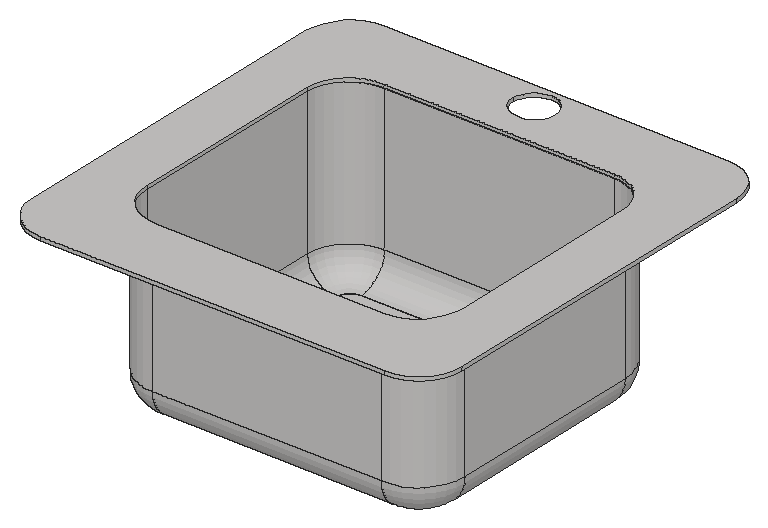
Revit family "QF_Vollrath_1551", category Specialty Equipment, Revit 2016
Family settings
  Part Type = Normal
  Round Connector Dimension = Use Diameter
  OmniClass Number = 23.40.40.14.31
  OmniClass Title = Cleaning and Disposal Equipment
  Work Plane-Based = Yes
  Always vertical = Yes
  Cut with Voids When Loaded = No
  Shared = No
  Room Calculation Point = No
Parameters
  Width = 1' - 3"
  Weight in Pounds = 0
  Watermarked By = "http://revitwatermark.com"
  URL Cutsheet = ""
  Status [instance] = ""
  Specification by User [instance] = ""
  Specification by Manufacturer [instance] = ""
  Sink Width = 1' - 0"
  Sink Depth = 0' - 11"
  Sink Basin Depth = 0' - 6 3/16"
  Serial Number [instance] = ""
  Seismic Rating [instance] = ""
  SMACNA No [instance] = ""
  Revision Code [instance] = ""
  NAFEM Spec ID Number [instance] = ""
  Model = "1551"
  Masterspec [instance] = ""
  Manufacturer = "Vollrath"
  Item Number [instance] = "-"
  Installed By [instance] = ""
  Indirect Waste Size = 2"
  Indirect Waste Flow [instance] = 0.00 GPM
  Indirect Waste Connection Type [instance] = ""
  Indirect Waste Connection Height [instance] = 0' - 0"
  Furnished By [instance] = ""
  Foodservice Equipment Identifier [instance] = yes
  Description = "Bar Sink"  # constant formula
  Depth = 1' - 3"
  Default Elevation = 4' - 0"
  CSI MasterFormat = ""
Reference planes (in)
  plane 1 "BACK": y = 0
  plane 2 "BOTTOM": z = 0
  plane 3 "LEFT": x = 0
  plane 4 "RIGHT": x = 15
  plane 5 "FRONT": y = -15
  plane 6: x = 7.5
  plane 7 "CENTER 1": y = -7.5
  plane 8: y = -2.5
  plane 9 "Sink Bottom": z = -6.1875
  plane 10: x = 2
  plane 11: x = 13
  plane 12: y = -12.5
Forms (in)
  Sweep 1, solid, material "QF_Finishes_Stainless Steel"
    path origin (0, 0, 0) x (1, 0, 0) y (0, 1, 0)
      loop
        arc (3.5, -2.5) -> (2.43934, -2.93934) -> (2, -4) r 1.5
        line (2, -4) -> (2, -11)
        arc (2, -11) -> (2.43934, -12.06066) -> (3.5, -12.5) r 1.5
        line (3.5, -12.5) -> (11.5, -12.5)
        arc (11.5, -12.5) -> (12.56066, -12.06066) -> (13, -11) r 1.5
        line (13, -11) -> (13, -4)
        arc (13, -4) -> (12.56066, -2.93934) -> (11.5, -2.5) r 1.5
        line (11.5, -2.5) -> (3.5, -2.5)
    profile origin (7.5, -2.5, 0) x (0, 1, 0) y (0, 0, 1)
      loop
        line (0, 0) -> (0, -5.0625)
        arc (0, -5.0625) -> (-0.29289, -5.76961) -> (-1, -6.0625) r 1
        line (-1, -6.0625) -> (-1, -6.1875)
        arc (-1, -6.1875) -> (-0.2045, -5.858) -> (0.125, -5.0625) r 1.125
        line (0.125, -5.0625) -> (0.125, 0) -> (0, 0)
  Extrusion 2, solid, material "QF_Finishes_Stainless Steel"
    sketch origin (0, 0, 0) x (1, 0, 0) y (0, 1, 0)
      loop
        arc (1.5, 0) -> (0.43934, -0.43934) -> (0, -1.5) r 1.5
        line (0, -1.5) -> (0, -13.5)
        arc (0, -13.5) -> (0.43934, -14.56066) -> (1.5, -15) r 1.5
        line (1.5, -15) -> (13.5, -15)
        arc (13.5, -15) -> (14.56066, -14.56066) -> (15, -13.5) r 1.5
        line (15, -13.5) -> (15, -1.5)
        arc (15, -1.5) -> (14.56066, -0.43934) -> (13.5, 0) r 1.5
        line (13.5, 0) -> (1.5, 0)
      loop
        circle (7.5, -0.9375) r 0.75
      loop
        arc (3.5, -2.5) -> (2.43934, -2.93934) -> (2, -4) r 1.5
        line (2, -4) -> (2, -11)
        arc (2, -11) -> (2.43934, -12.06066) -> (3.5, -12.5) r 1.5
        line (3.5, -12.5) -> (11.5, -12.5)
        arc (11.5, -12.5) -> (12.56066, -12.06066) -> (13, -11) r 1.5
        line (13, -11) -> (13, -4)
        arc (13, -4) -> (12.56066, -2.93934) -> (11.5, -2.5) r 1.5
        line (11.5, -2.5) -> (3.5, -2.5)
    from 0 to 0.125
  Extrusion 3, solid, material "QF_Finishes_Stainless Steel"
    sketch origin (0, 0, -6.1875) x (-1, 0, 0) y (0, -1, 0)
      loop
        circle (-7.5, 7.5) r 1.75
      loop
        line (-11.5, 3.5) -> (-3.5, 3.5)
        arc (-3.5, 3.5) -> (-3.14645, 3.64645) -> (-3, 4) r 0.5
        line (-3, 4) -> (-3, 11)
        arc (-3, 11) -> (-3.14645, 11.35355) -> (-3.5, 11.5) r 0.5
        line (-3.5, 11.5) -> (-11.5, 11.5)
        arc (-11.5, 11.5) -> (-11.85355, 11.35355) -> (-12, 11) r 0.5
        line (-12, 11) -> (-12, 4)
        arc (-12, 4) -> (-11.85355, 3.64645) -> (-11.5, 3.5) r 0.5
    from 0 to 0.125
Lines and regions (in)
  symbolic lines
    curve 1: line (1.5, 0, -6.1875) -> (13.5, 0, -6.1875)
    curve 2: line (0, -13.5, -6.1875) -> (0, -1.5, -6.1875)
    curve 3: arc (0, -13.5, -6.1875) -> (0.43934, -14.56066, -6.1875) -> (1.5, -15, -6.1875) r 1.5
    curve 4: line (13.5, -15, -6.1875) -> (1.5, -15, -6.1875)
    curve 5: arc (13.5, -15, -6.1875) -> (14.56066, -14.56066, -6.1875) -> (15, -13.5, -6.1875) r 1.5
    curve 6: line (15, -1.5, -6.1875) -> (15, -13.5, -6.1875)
    curve 22: arc (1.5, 0, -6.1875) -> (0.43934, -0.43934, -6.1875) -> (0, -1.5, -6.1875) r 1.5
  symbolic lines, style "QF_Surface Details"
    curve 7: circle (7.5, -7.5, -6.1875) r 1.75 normal (0, 0, -1)
    curve 8: arc (8.25, -0.9375, -6.1875) -> (7.5, -1.6875, -6.1875) -> (6.75, -0.9375, -6.1875) r 0.75
    curve 9: arc (6.75, -0.9375, -6.1875) -> (7.5, -0.1875, -6.1875) -> (8.25, -0.9375, -6.1875) r 0.75
    curve 10: line (11.5, -2.5, -6.1875) -> (3.5, -2.5, -6.1875)
    curve 11: arc (2, -4, -6.1875) -> (2.43934, -2.93934, -6.1875) -> (3.5, -2.5, -6.1875) r 1.5
    curve 12: line (2, -4, -6.1875) -> (2, -11, -6.1875)
    curve 13: arc (3.5, -12.5, -6.1875) -> (2.43934, -12.06066, -6.1875) -> (2, -11, -6.1875) r 1.5
    curve 14: line (3.5, -12.5, -6.1875) -> (11.5, -12.5, -6.1875)
    curve 15: arc (13, -11, -6.1875) -> (12.56066, -12.06066, -6.1875) -> (11.5, -12.5, -6.1875) r 1.5
    curve 16: line (13, -11, -6.1875) -> (13, -4, -6.1875)
    curve 17: arc (11.5, -2.5, -6.1875) -> (12.56066, -2.93934, -6.1875) -> (13, -4, -6.1875) r 1.5
    curve 18: arc (1.5, 0, -6.1875) -> (0.43934, -0.43934, -6.1875) -> (0, -1.5, -6.1875) r 1.5
    curve 19: arc (15, -1.5, -6.1875) -> (14.56066, -0.43934, -6.1875) -> (13.5, 0, -6.1875) r 1.5
    curve 20: arc (1.5, 0, -6.1875) -> (0.43934, -0.43934, -6.1875) -> (0, -1.5, -6.1875) r 1.5
  symbolic lines, style "SpecialityEquipment"
    curve 21: arc (15, -1.5, -6.1875) -> (14.56066, -0.43934, -6.1875) -> (13.5, 0, -6.1875) r 1.5
Dimensions and locks (in)
  "Width": plane 3 "LEFT" to plane 4 "RIGHT"
  "Depth": plane 5 "FRONT" to plane 1 "BACK"
  "Sink Basin Depth": level to plane 9 "Sink Bottom"
  level to Sweep 1 sketch curve = 0' - 0"
  locked: Sweep 1 sketch curve to plane 8 at 0.125
  locked: plane 9 "Sink Bottom" to Sweep 1 sketch curve at 0.125
  plane 1 "BACK" to plane 8 = 0' - 2 1/2"
  "Sink Depth": plane 10 to plane 11
  plane 11 to plane 4 "RIGHT" = 0' - 2"
  locked: plane 3 "LEFT" to plane 10 at 2
  plane 12 to plane 5 "FRONT" = 0' - 2 1/2"
  plane 8 to plane 12 = 0' - 10"
  aligned and locked: level to plane 2 "BOTTOM"
  aligned and locked: plane 9 "Sink Bottom" to Sweep 1 sketch curve
  aligned and locked: Extrusion 2 sketch curve to plane 5 "FRONT"
  aligned and locked: Extrusion 2 sketch curve to plane 4 "RIGHT"
  aligned and locked: plane 1 "BACK" to Extrusion 2 sketch curve
  aligned and locked: plane 3 "LEFT" to Extrusion 2 sketch curve
  aligned and locked: curve 18 to Extrusion 2
  aligned and locked: curve 19 to Extrusion 2
  aligned and locked: curve 22 to Extrusion 2
Automatic sketch dimensions
  Sweep 1 sketch curve to Sweep 1 sketch curve = 0' - 1"
  Sweep 1 sketch curve to Sweep 1 sketch curve = 0' - 0"
  Extrusion 3 sketch curve to plane 6 = 0' - 0"
  Extrusion 3 sketch curve to plane 7 "CENTER 1" = 0' - 0"
  Sweep 1 sketch curve to plane 8 = 0' - 0"
  Sweep 1 sketch curve to Sweep 1 sketch curve = 0' - 1 1/2"
  Extrusion 3 sketch curve to plane 8 = 0' - 1"
  Extrusion 3 sketch curve to Extrusion 3 sketch curve = 0' - 0 1/2"  (x4)
  Sweep 1 sketch curve to plane 4 "RIGHT" = 0' - 3 1/2"
  Extrusion 2 sketch curve to plane 10 = 0' - 0"
  Extrusion 2 sketch curve to plane 8 = 0' - 0"
  Extrusion 2 sketch curve to plane 6 = 0' - 0"
  Extrusion 2 sketch curve to plane 11 = 0' - 0"
  Extrusion 2 sketch curve to plane 10 = 0' - 0 1/2"  (x2)
  plane 10 to Extrusion 2 sketch curve = 0' - 1 1/2"  (x2)
  Extrusion 2 sketch curve to plane 8 = 0' - 1 1/2"
  Extrusion 2 sketch curve to plane 11 = 0' - 1 1/2"
  plane 1 "BACK" to Extrusion 2 sketch curve = 0' - 0 15/16"
  Sweep 1 sketch curve to plane 11 = 0' - 0"
  Sweep 1 sketch curve to plane 10 = 0' - 0"
  plane 10 to Sweep 1 sketch curve = 0' - 1 1/2"
  Sweep 1 sketch curve to plane 11 = 0' - 1 1/2"
  plane 10 to Extrusion 3 sketch curve = 0' - 1 1/2"
  Extrusion 3 sketch curve to plane 11 = 0' - 1 1/2"
  Sweep 1 sketch curve to plane 7 "CENTER 1" = 0' - 3 1/2"
  Extrusion 2 sketch curve to Extrusion 2 sketch curve = 0' - 1"
  Extrusion 3 sketch curve to plane 7 "CENTER 1" = 0' - 3 1/2"
  plane 11 to Extrusion 2 sketch curve = 0' - 0 1/2"  (x2)
  plane 5 "FRONT" to curve 4 = 0' - 0"
  curve 17 to plane 11 = 0' - 0"
  curve 14 to plane 12 = 0' - 0"
  curve 17 to plane 8 = 0' - 0"
  curve 7 to plane 6 = 0' - 0"
  curve 8 to plane 6 = 0' - 0"
  curve 13 to plane 10 = 0' - 0"
  curve 7 to plane 7 "CENTER 1" = 0' - 0"
  plane 11 to curve 4 = 0' - 0 1/2"
  curve 15 to curve 15 = 0' - 1 1/2"
  curve 17 to plane 11 = 0' - 1 1/2"
  curve 8 to curve 8 = 0' - 0 3/4"
  plane 10 to curve 14 = 0' - 1 1/2"
  curve 11 to plane 8 = 0' - 1 1/2"
  curve 4 to plane 10 = 0' - 0 1/2"
  plane 1 "BACK" to curve 9 = 0' - 0 15/16"
  radius of Extrusion 3 sketch curve = 0' - 1 3/4"
  radius of Extrusion 2 sketch curve = 0' - 0 3/4"
  radius of curve 7 = 0' - 1 3/4"
Connectors (in)
  piping at (7.5, -7.5, -6.1875), diameter 2, driven by "Indirect Waste Flow"
    settings: on Extrusion 3, index 1, connector inside diameter 2", connector length 0' - 0", flow factor 0, pipe flow 0.00 GPM, pressure drop 0.00 psi, fitting loss kfactor 0, connector angle 0.00°, fixture units 0, engagement length 0' - 0", angle of deflection 0.00°, flow configuration 1, flow direction 2, fitting loss method 0, system type 16, joint type 0, gender type 0, connector reference index -1, connector utility 0, adjustable connector no, is connector primary yes, connector description "IW"
